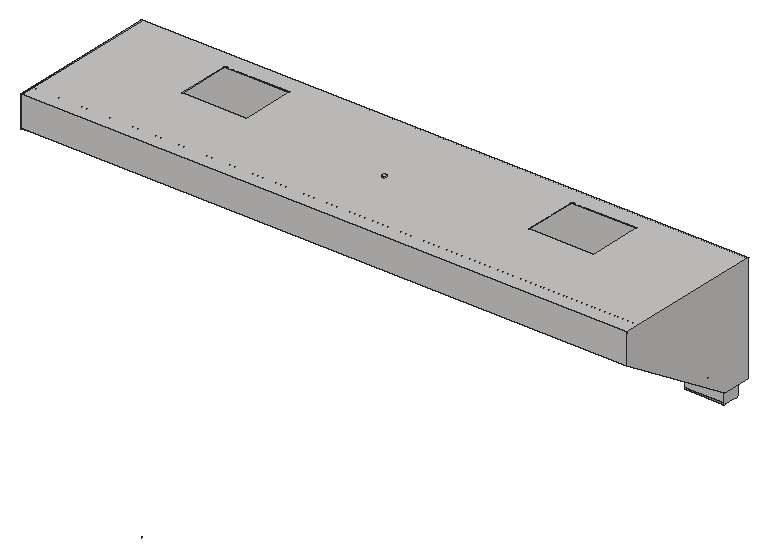
Revit family "QF_ELECTROLUXPROFESSIONAL_644203_AMPV728DT", category Attrezzature speciali, Revit 2021
Family settings
  Quota connettore circolare = Usa diametro
  Tipo di parte = Normale
  Basato su piano di lavoro = No
  Sempre verticale = Sì
  Taglio con vuoti quando caricato = No
  Condiviso = No
  Punto di calcolo locali = No
Parameters (values of type "Standard")
  Weight = 87.00 kg
  Watts = 840 W
  Volts = 220 V
  URL Manufacturer = "https://www.electroluxprofessional.com/"
  URL = "https://www.electroluxprofessional.com/"
  Steam Supply Size = 0 mm
  Steam Supply Minimum Pressure = 0.0 Pa
  Steam Supply Maximum Pressure = 0.0 Pa
  Steam Consumption per Hour = 0
  Refrigeration Suction Line Size = 0 mm
  Refrigeration Liquid Line Size = 0 mm
  Refrigerant Compressor Remote = yes
  Prospetto di default = 0 mm
  Produttore = "Electrolux Professional"
  Phase = 1
  Modello = "AMPV728DT"
  Length Actual = 2800 mm  # constant formula
  Item Number = "644203"
  Hot Water Size = 0 mm
  Height Actual = 500 mm  # constant formula
  HP = "1.1 HP"
  Gas Size = 0 mm
  Gas KW = 0
  Gas Input Pressure = 0 W
  Direct Waste Size = 0 mm
  Descrizione = "304 S/S WALL HOOD+FILTERS+FAN 2800X700MM"
  Depth Actual = 700 mm  # constant formula
  Cycle = 50 Hz
  Condensate Return Size = 0 mm
  Compressed Air Volume = 0.0 L/s
  Compressed Air Size = 0 mm
  Compressed Air Pressure = 0.0 Pa
  Cold Water Size = 0 mm
  Accessory = yes
Reference planes
  plane 1: z = 0
  plane 2 "Center (Left/Right)": x = 150
  plane 3 "LEFT": x = -1250
  plane 4 "RIGHT": x = 1550
  plane 5 "BACK": y = 550
  plane 6 "Plane": z = 2000
  plane 7 "TOP": z = 2140
  plane 8 "Base": z = 1640
  plane 9: z = 1566
  plane 10 "DrainY": y = 485
  plane 11: x = -1247
  plane 12: through (0, 414.509, 1640.8) normal (0, 0.7314, 0.682)
  plane 13: y = 470
  plane 14: y = 220
  plane 15 "DrainX": x = 1430
  plane 16: x = -500
  plane 17: x = 800
  plane 18: x = -800
  plane 19: x = 1100
  plane 20: x = 1547
  plane 21: x = 1340
  plane 22: x = 1520
  plane 23: x = -1210
  plane 24: x = -845
  plane 25: x = -450
  plane 26: x = 1510
  plane 27: x = 1145
  plane 28: x = 750
  plane 29 "Center (Front/Back)": y = 200
  plane 30 "Front": y = -150
Forms (mm)
  Extrusion 1, solid, material "QF_Finishes_Stainless Steel"
    sketch origin (-1250, 0, 0) x (0, 1, 0) y (0, 0, 1)
      loop
        line (550, 1640) -> (550, 2140) -> (-150, 2140) -> (-150, 1998.603) -> (413.973, 1640) -> (550, 1640)
    from 0 to 3
  Extrusion 2, solid, material "QF_Finishes_Stainless Steel"
    sketch origin (150, 0, 0) x (0, 1, 0) y (0, 0, 1)
      loop
        line (415.255, 1640) -> (550, 1640) -> (550, 2139.19) -> (549.2, 2139.19) -> (549.2, 1640.8) -> (415.876, 1640.8) -> (339.347, 1722.867) -> (349.609, 1732.436) -> (348.927, 1733.167) -> (337.934, 1722.917) -> (415.255, 1640)
      loop
        line (-82.203, 2139.19) -> (-82.203, 2118.6) -> (-31.047, 2118.6) -> (34.354, 2048.466) -> (46.028, 2059.352) -> (45.346, 2060.083) -> (34.403, 2049.879) -> (-30.612, 2119.6) -> (-81.203, 2119.6) -> (-81.203, 2139.19) -> (-82.203, 2139.19)
    from -1397 to 1397
  Extrusion 3, solid, material "QF_Finishes_Stainless Steel"
    sketch origin (1550, 0, 0) x (0, 1, 0) y (0, 0, 1)
      loop
        line (550, 1640) -> (550, 2140) -> (-150, 2140) -> (-150, 1998.603) -> (413.973, 1640) -> (550, 1640)
    from 0 to -3
  Extrusion 4, solid, material "QF_Finishes_Stainless Steel"
    sketch origin (150, 0, 0) x (0, 1, 0) y (0, 0, 1)
      loop
        line (-150, 2140) -> (-150, 2000) -> (-149.2, 2000) -> (-149.2, 2139.19) -> (550, 2139.19) -> (550, 2140) -> (-150, 2140)
    from -1400 to 1400
  Extrusion 5, solid, material "QF_Finishes_Stainless Steel"
    sketch origin (150, 0, 0) x (0, 1, 0) y (0, 0, 1)
      loop
        line (534, 1640) -> (436, 1640) -> (436, 1627) -> (443.5, 1627) -> (443.5, 1576)
        arc (443.5, 1576) -> (446.429, 1568.929) -> (453.5, 1566) r 10
        line (453.5, 1566) -> (516.5, 1566)
        arc (516.5, 1566) -> (523.571, 1568.929) -> (526.5, 1576) r 10
        line (526.5, 1576) -> (526.5, 1627) -> (534, 1627) -> (534, 1640)
    from 1190 to 1370
  Extrusion 6, solid, material "QF_Finishes_Stainless Steel"
    sketch origin (0, 0, 1640) x (0, 1, 0) y (-1, 0, 0)
      loop
        circle (485, -1430) r 20
    from -76 to -74
  Extrusion 7, solid, material "QF_Finished_Chrome"
    sketch origin (150, 0, 0) x (0, 1, 0) y (0, 0, 1)
      loop
        line (337.934, 1722.917) -> (341.591, 1726.327) -> (38.011, 2051.876) -> (34.354, 2048.466) -> (337.934, 1722.917)
    from -995 to -1360
  Extrusion 8, solid, material "QF_Finished_Chrome"
    sketch origin (150, 0, 0) x (0, 1, 0) y (0, 0, 1)
      loop
        line (337.934, 1722.917) -> (341.591, 1726.327) -> (38.011, 2051.876) -> (34.354, 2048.466) -> (337.934, 1722.917)
    from 600 to -600
  Extrusion 9, solid, material "QF_Finishes_Stainless Steel"
    sketch origin (150, 0, 0) x (0, 1, 0) y (0, 0, 1)
      loop
        line (337.934, 1722.917) -> (341.591, 1726.327) -> (38.011, 2051.876) -> (34.354, 2048.466) -> (337.934, 1722.917)
    from 1397 to 1360
  Extrusion 10, solid, material "QF_Finishes_Stainless Steel"
    sketch origin (150, 0, 0) x (0, 1, 0) y (0, 0, 1)
      loop
        line (341.588, 1726.324) -> (38.009, 2051.874) -> (34.354, 2048.466) -> (337.934, 1722.917) -> (341.588, 1726.324)
    from -995 to -600
  Extrusion 11, solid, material "QF_Finished_Chrome"
    sketch origin (150, 0, 0) x (0, 1, 0) y (0, 0, 1)
      loop
        line (341.588, 1726.324) -> (38.009, 2051.874) -> (34.354, 2048.466) -> (337.934, 1722.917) -> (341.588, 1726.324)
    from 995 to 1360
  Extrusion 12, void
    sketch origin (0, 0, 2140) x (0, 1, 0) y (-1, 0, 0)
      loop
        line (470, 800) -> (220, 800) -> (220, 500) -> (470, 500) -> (470, 800)
    from 0 to -10
  Extrusion 13, void
    sketch origin (940, 0, 2140) x (0, 1, 0) y (-1, 0, 0)
      loop
        line (470, 140) -> (220, 140) -> (220, -160) -> (470, -160) -> (470, 140)
    from 0 to -10
  Extrusion 14, solid, material "QF_Finishes_Stainless Steel"
    sketch origin (0, 0, 0) x (1, 0, 0) y (0, 1, 0)
      loop
        line (-1250, 550) -> (-1250, 549) -> (-1249, 549) -> (-1249, 550) -> (-1250, 550)
    from 0 to 1
  Extrusion 15, solid, material "QF_Finishes_Stainless Steel"
    sketch origin (150, 0, 0) x (0, 1, 0) y (0, 0, 1)
      loop
        line (337.934, 1722.917) -> (341.591, 1726.327) -> (38.011, 2051.876) -> (34.354, 2048.466) -> (337.934, 1722.917)
    from -1360 to -1397
  Extrusion 16, solid, material "QF_Finishes_Stainless Steel"
    sketch origin (150, 0, 0) x (0, 1, 0) y (0, 0, -1)
      loop
        line (341.588, -1726.324) -> (337.934, -1722.917) -> (34.354, -2048.466) -> (38.009, -2051.874) -> (341.588, -1726.324)
    from -995 to -600
  Extrusion 17, solid, material "QF_Finishes_Stainless Steel"
    sketch origin (0, 0, 2140) x (0, 1, 0) y (-1, 0, 0)
      loop
        circle (200, -150) r 10
    from 0 to 2
Cuts and joins
  Extrusion 12, Extrusion 13 cuts Extrusion 4
  joined: Extrusion 2, Extrusion 4
Lines and regions (mm)
  reference lines
    curve 1: line (150, 34.354, 2048.466) -> (150, 34.354, 1888.466)
  symbolic lines, style "SpecialityEquipment", detail levels coarse
    curve 2: line (1550, 550, 2140) -> (-1250, 550, 2140)
    curve 3: line (-1250, 550, 2140) -> (-1250, -150, 2140)
    curve 4: line (1550, -150, 2140) -> (1550, 550, 2140)
    curve 5: line (-1250, -150, 2140) -> (1550, -150, 2140)
    curve 6: line (-800, 220, 2140) -> (-500, 220, 2140)
    curve 7: line (-800, 470, 2140) -> (-800, 220, 2140)
    curve 8: line (-500, 470, 2140) -> (-800, 470, 2140)
    curve 9: line (-500, 220, 2140) -> (-500, 470, 2140)
    curve 10: line (800, 470, 2140) -> (800, 220, 2140)
    curve 11: line (800, 220, 2140) -> (1100, 220, 2140)
    curve 12: line (1100, 470, 2140) -> (800, 470, 2140)
    curve 13: line (1100, 220, 2140) -> (1100, 470, 2140)
    curve 14: line (-1250, -150, 2140) -> (1550, 550, 2140)
    curve 15: line (-1250, 550, 2140) -> (1550, -150, 2140)
Dimensions and locks
  plane 3 "LEFT" to plane 4 "RIGHT" = 2800 mm
  equal spacing: plane 3 "LEFT", plane 2 "Center (Left/Right)", plane 4 "RIGHT"
  locked: plane 6 "Plane" to level at 2000
  plane 7 "TOP" to plane 6 "Plane" = 140 mm
  locked: plane 7 "TOP" to plane 8 "Base" at 500
  plane 8 "Base" to plane 9 = 74 mm
  plane 5 "BACK" to plane 10 "DrainY" = 65 mm  (x2)
  plane 3 "LEFT" to plane 11 = 3 mm
  plane 5 "BACK" to plane 13 = 80 mm
  plane 13 to plane 14 = 250 mm  (x2)
  plane 15 "DrainX" to plane 4 "RIGHT" = 120 mm
  locked: plane 16 to plane 17 at 1300
  equal spacing: plane 16, plane 2 "Center (Left/Right)", plane 17
  locked: plane 18 to plane 16 at 300
  locked: plane 17 to plane 19 at 300
  plane 20 to plane 4 "RIGHT" = 3 mm
  locked: plane 21 to plane 15 "DrainX" at 90
  locked: plane 15 "DrainX" to plane 22 at 90
  plane 13 to plane 5 "BACK" = 80 mm
  locked: plane 3 "LEFT" to plane 23 at 40
  locked: plane 23 to plane 24 at 365
  locked: plane 24 to plane 25 at 395
  locked: plane 26 to plane 27 at 365
  locked: plane 27 to plane 28 at 395
  locked: plane 26 to plane 4 "RIGHT" at 40
  plane 25 to plane 28 = 1200 mm
  locked: plane 5 "BACK" to plane 30 "Front" at 700
  equal spacing: plane 5 "BACK", plane 29 "Center (Front/Back)", plane 30 "Front"
  plane 5 "BACK" to plane 30 "Front" = 700 mm
  aligned and locked: level to plane 1
  aligned and locked: Extrusion 2 to Extrusion 1
  aligned and locked: Extrusion 2 to Extrusion 3
  aligned and locked: plane 4 "RIGHT" to Extrusion 4
  aligned and locked: Extrusion 4 to plane 3 "LEFT"
  aligned and locked: plane 20 to Extrusion 9
  aligned and locked: plane 18 to Extrusion 12
  aligned and locked: Extrusion 12 to plane 16
  aligned and locked: Extrusion 12 to plane 14
  aligned and locked: Extrusion 12 to plane 13
  aligned and locked: Extrusion 13 to plane 19
  aligned and locked: plane 17 to Extrusion 13
  aligned and locked: Extrusion 2 to Extrusion 4
  aligned and locked: plane 22 to Extrusion 5
  aligned and locked: Extrusion 5 to plane 21
  aligned and locked: Extrusion 9 to plane 26
  aligned and locked: Extrusion 11 to plane 26
  aligned and locked: Extrusion 11 to plane 27
  aligned and locked: Extrusion 8 to plane 28
  aligned and locked: Extrusion 8 to plane 25
  aligned and locked: plane 25 to Extrusion 10
  aligned and locked: Extrusion 10 to plane 24
  aligned and locked: plane 24 to Extrusion 7
  aligned and locked: Extrusion 7 to plane 23
  aligned and locked: Extrusion 15 to plane 11
  aligned and locked: plane 23 to Extrusion 15
  aligned and locked: Extrusion 16 to plane 28
  aligned and locked: Extrusion 16 to plane 27
  aligned and locked: Extrusion 3 to plane 20
Automatic sketch dimensions
  Extrusion 2 sketch curve to plane 12 = 0 mm  (x3)
  Extrusion 2 sketch curve to plane 8 "Base" = 0 mm
  plane 12 to Extrusion 2 sketch curve = 0 mm
  Extrusion 2 sketch curve to plane 5 "BACK" = 0 mm
  Extrusion 2 sketch curve to Extrusion 2 sketch curve = 65.646 mm
  Extrusion 2 sketch curve to Extrusion 2 sketch curve = 0.682 mm  (x2)
  Extrusion 2 sketch curve to Extrusion 2 sketch curve = 10.261 mm
  plane 8 "Base" to Extrusion 2 sketch curve = 82.917 mm
  Extrusion 2 sketch curve to Extrusion 2 sketch curve = 10.942 mm
  Extrusion 2 sketch curve to Extrusion 2 sketch curve = 0.049 mm
  Extrusion 2 sketch curve to plane 7 "TOP" = 20.4 mm
  Extrusion 2 sketch curve to plane 7 "TOP" = 21.4 mm
  Extrusion 2 sketch curve to plane 7 "TOP" = 0.81 mm  (x2)
  Extrusion 2 sketch curve to Extrusion 2 sketch curve = 50.156 mm
  Extrusion 2 sketch curve to Extrusion 2 sketch curve = 1 mm
  plane 8 "Base" to Extrusion 2 sketch curve = 0.8 mm
  Extrusion 2 sketch curve to plane 5 "BACK" = 0.8 mm
  Extrusion 3 sketch curve to plane 8 "Base" = 0 mm
  Extrusion 3 sketch curve to plane 5 "BACK" = 0 mm
  Extrusion 3 sketch curve to plane 7 "TOP" = 0 mm
  plane 13 to Extrusion 3 sketch curve = 56.027 mm
  Extrusion 3 sketch curve to plane 6 "Plane" = 1.397 mm
  Extrusion 4 sketch curve to plane 6 "Plane" = 0 mm
  Extrusion 4 sketch curve to plane 5 "BACK" = 0 mm
  Extrusion 4 sketch curve to plane 7 "TOP" = 0 mm
  Extrusion 4 sketch curve to plane 7 "TOP" = 0.81 mm
  curve 1 to plane 12 = 0 mm
  curve 1 to plane 6 "Plane" = 111.534 mm
  Extrusion 5 sketch curve to plane 8 "Base" = 0 mm
  Extrusion 5 sketch curve to plane 9 = 0 mm
  Extrusion 5 sketch curve to plane 8 "Base" = 13 mm  (x2)
  plane 13 to Extrusion 5 sketch curve = 34 mm
  Extrusion 5 sketch curve to Extrusion 5 sketch curve = 7.5 mm  (x2)
  Extrusion 5 sketch curve to Extrusion 5 sketch curve = 10 mm
  plane 10 "DrainY" to Extrusion 5 sketch curve = 31.5 mm
  Extrusion 5 sketch curve to plane 5 "BACK" = 23.5 mm
  Extrusion 6 sketch curve to plane 10 "DrainY" = 0 mm
  Extrusion 6 sketch curve to plane 15 "DrainX" = 0 mm
  Extrusion 7 sketch curve to plane 12 = 0 mm  (x2)
  Extrusion 7 sketch curve to Extrusion 7 sketch curve = 3.657 mm
  plane 8 "Base" to Extrusion 7 sketch curve = 82.917 mm
  Extrusion 8 sketch curve to plane 12 = 0 mm  (x2)
  Extrusion 8 sketch curve to Extrusion 8 sketch curve = 3.657 mm
  plane 8 "Base" to Extrusion 8 sketch curve = 82.917 mm
  Extrusion 9 sketch curve to plane 12 = 0 mm  (x2)
  Extrusion 9 sketch curve to Extrusion 9 sketch curve = 3.657 mm
  plane 8 "Base" to Extrusion 9 sketch curve = 82.917 mm
  Extrusion 10 sketch curve to plane 12 = 0 mm  (x2)
  Extrusion 10 sketch curve to Extrusion 10 sketch curve = 3.655 mm
  plane 8 "Base" to Extrusion 10 sketch curve = 82.917 mm
  Extrusion 11 sketch curve to plane 12 = 0 mm  (x2)
  Extrusion 11 sketch curve to Extrusion 11 sketch curve = 3.655 mm
  plane 8 "Base" to Extrusion 11 sketch curve = 82.917 mm
  Extrusion 12 sketch curve to plane 14 = 0 mm
  plane 13 to Extrusion 12 sketch curve = 0 mm
  Extrusion 12 sketch curve to plane 16 = 0 mm
  Extrusion 12 sketch curve to plane 18 = 0 mm
  Extrusion 13 sketch curve to plane 14 = 0 mm
  plane 13 to Extrusion 13 sketch curve = 0 mm
  Extrusion 13 sketch curve to plane 19 = 0 mm
  Extrusion 13 sketch curve to plane 17 = 0 mm
  Extrusion 14 sketch curve to plane 3 "LEFT" = 0 mm
  Extrusion 14 sketch curve to plane 5 "BACK" = 0 mm
  plane 3 "LEFT" to Extrusion 14 sketch curve = 1 mm
  Extrusion 14 sketch curve to plane 5 "BACK" = 1 mm
  Extrusion 15 sketch curve to plane 12 = 0 mm  (x2)
  Extrusion 15 sketch curve to Extrusion 15 sketch curve = 3.657 mm
  plane 8 "Base" to Extrusion 15 sketch curve = 82.917 mm
  Extrusion 16 sketch curve to plane 12 = 0 mm  (x2)
  Extrusion 16 sketch curve to Extrusion 16 sketch curve = 3.655 mm
  plane 8 "Base" to Extrusion 16 sketch curve = 82.917 mm
  plane 6 "Plane" to Extrusion 2 sketch curve = 48.466 mm
  curve 1 to plane 14 = 185.646 mm
  plane 6 "Plane" to Extrusion 7 sketch curve = 51.876 mm
  plane 6 "Plane" to Extrusion 8 sketch curve = 51.876 mm
  plane 6 "Plane" to Extrusion 9 sketch curve = 51.876 mm
  plane 6 "Plane" to Extrusion 10 sketch curve = 51.874 mm
  plane 6 "Plane" to Extrusion 11 sketch curve = 51.874 mm
  plane 6 "Plane" to Extrusion 15 sketch curve = 51.876 mm
  plane 6 "Plane" to Extrusion 16 sketch curve = 51.874 mm
  Extrusion 3 sketch curve to plane 14 = 370 mm
  Extrusion 4 sketch curve to plane 14 = 369.2 mm
  Extrusion 4 sketch curve to Extrusion 4 sketch curve = 0.8 mm
  Extrusion 1 sketch curve to plane 7 "TOP" = 0 mm
  Extrusion 1 sketch curve to plane 8 "Base" = 0 mm
  Extrusion 1 sketch curve to plane 5 "BACK" = 0 mm
  Extrusion 1 sketch curve to plane 30 "Front" = 0 mm
  plane 13 to Extrusion 1 sketch curve = 56.027 mm
  Extrusion 1 sketch curve to plane 6 "Plane" = 1.397 mm
  Extrusion 17 sketch curve to plane 2 "Center (Left/Right)" = 0 mm
  Extrusion 17 sketch curve to plane 29 "Center (Front/Back)" = 0 mm
  curve 14 to plane 30 "Front" = 0 mm
  curve 15 to plane 4 "RIGHT" = 0 mm
  curve 11 to plane 14 = 0 mm
  curve 6 to plane 14 = 0 mm
  plane 13 to curve 8 = 0 mm
  plane 13 to curve 10 = 0 mm
  curve 15 to plane 3 "LEFT" = 0 mm
  curve 15 to plane 5 "BACK" = 0 mm
  curve 13 to plane 19 = 0 mm
  curve 10 to plane 17 = 0 mm
  curve 9 to plane 16 = 0 mm
  curve 8 to plane 18 = 0 mm
  radius of Extrusion 6 sketch curve = 20 mm
  radius of Extrusion 17 sketch curve = 10 mm
Connectors
  piping at (1430, 485, 1564), diameter 20
    settings: on Extrusion 6, index 1, connector inside diameter 609.6 mm, connector length 0 mm, flow factor 0, pipe flow 0.0 L/s, pressure drop 0.0 Pa, fitting loss kfactor 0, connector angle 0.00°, fixture units 0, engagement length 0 mm, angle of deflection 0.00°, flow configuration 1, flow direction 2, fitting loss method 0, system type 16, joint type 0, gender type 0, connector reference index -1, connector utility 0, adjustable connector no, is connector primary yes, connector description "Drain"
  hvac at (-650, 345, 2140)
    settings: on Extrusion 12, index 2, duct flow 0.0 L/s, flow factor 0, pres drop 0.0 Pa, loss coef 0, conn angle 0.00°, conn width 250 mm, conn height 300 mm, conn diameter 609.6 mm, duct sys type 3, conn prof type 1, flow config 1, flow direction 2, loss method 0, conn ref index -1, conn util no, is conn primary yes, conn desc "EXHAUST OUTLET"
  hvac at (950, 345, 2140)
    settings: on Extrusion 13, index 3, duct flow 0.0 L/s, flow factor 0, pres drop 0.0 Pa, loss coef 0, conn angle 0.00°, conn width 250 mm, conn height 300 mm, conn diameter 609.6 mm, duct sys type 3, conn prof type 1, flow config 1, flow direction 2, loss method 0, conn ref index -1, conn util no, is conn primary no, conn desc "EXHAUST OUTLET"
  electrical at (150, 200, 2142), driven by "Volts"
    settings: on Extrusion 17, index 4, voltage 220 V, apparent load 0 VA, apparent load phase1 0 VA, apparent load phase2 0 VA, apparent load phase3 0 VA, power factor 1, load classification "Other", number of poles 1, system type 30, power factor state 1, is connector primary yes, connector utility no, sub classification motor no, connector description "Electrical Connection"
